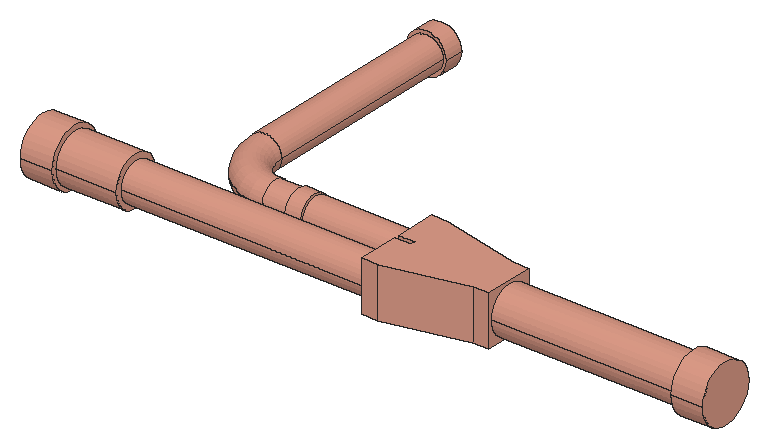
Revit family "outputfile", category 配管付属品, Revit 2024
Family settings
  丸型コネクタ寸法 = 半径を使用
  パーツ タイプ = 標準
  OmniClass 番号 = 23.65.55.00
  OmniClass タイトル = Distribution of Supplied Liquids/Gases
  作業面ベース = いいえ
  常に垂直 = はい
  ロード時にボイドで切り取り = いいえ
  共有 = いいえ
Parameters (values of type "BHFP22R168_(1)")
  Description = ""
  製造元 = "Daikin"
  書き出し IFC クラス(タイプ) = "IfcPipeFittingType"
  Default Elevation = 0.0 mm
  定義済み IFC タイプ(タイプ) = "JUNCTION"
  Cost = 0
  モデル = "BHFP22R168_(1)"
  Type Comments = ""
  Keynote = ""
  Type Image = (empty or 0)
  Assembly Code = ""
  switch_Offset Reducer(5) [instance] = if(and([judge_JointType(1or2or3)] = 3, Is_PipeToCU_B Reducer = 1, judge_IsOffsetPipe_ToOutdoorUnitB = 1), 1 = 1, 1 = 0)  # no
  switch_Offset Reducer(2) [instance] = if(judge_IsOffsetPipe_ToOutdoorUnitA = 2, 1 = 1, 1 = 0)  # yes
  switch_Offset Reducer(1) [instance] = if(judge_IsOffsetPipe_ToOutdoorUnitA = 1, 1 = 1, 1 = 0)  # no
  table_PipeToCU_B [instance] = if(mm⇔inch, "Multi Module Kit_BHFP22R-_Gas_PipeToCU_B", "Multi Module Kit_BHFP22R-_Gas_PipeToCU_B_inch")  # "Multi Module Kit_BHFP22R-_Gas_PipeToCU_B"
  table_PipeToCU_A [instance] = if(mm⇔inch, "Multi Module Kit_BHFP22R-_Gas_PipeToCU_A", "Multi Module Kit_BHFP22R-_Gas_PipeToCU_A_inch")  # "Multi Module Kit_BHFP22R-_Gas_PipeToCU_A"
  table_ToMainPipe [instance] = if(mm⇔inch, "Multi Module Kit_BHFP22R-_Gas_ToMainPipe", "Multi Module Kit_BHFP22R-_Gas_ToMainPipe_inch")  # "Multi Module Kit_BHFP22R-_Gas_ToMainPipe"
  switch_PipeToCU_B Reducer [instance] = if(and(Is_PipeToCU_B Reducer = 1, judge_IsOffsetPipe_ToOutdoorUnitB = 0), 1 = 1, 1 = 0)  # no
  switch_PipeToCU_B4 [instance] = if(number_PipeToCU_B < 4, 1 = 0, 1 = 1)  # no
  switch_PipeToCU_B3 [instance] = if(number_PipeToCU_B < 3, 1 = 0, 1 = 1)  # no
  switch_PipeToCU_B2 [instance] = if(number_PipeToCU_B < 2, 1 = 0, 1 = 1)  # yes
  switch_PipeToCU_A Reducer [instance] = if(Is_PipeToCU_A Reducer = 1, 1 = 1, 1 = 0)  # yes
  switch_ToMainPipe Reducer [instance] = if(Is_ToMainPipe Reducer = 1, 1 = 1, 1 = 0)  # no
  switch_ToMainPipe2 [instance] = if(number_ToMainPipe < 2, 1 = 0, 1 = 1)  # no
  switch_Offset Reducer(4) [instance] = if(and([judge_JointType(1or2or3)] = 1, Is_PipeToCU_B Reducer = 1, judge_IsOffsetPipe_ToOutdoorUnitB = 1), 1 = 1, 1 = 0)  # no
  switch_Offset Reducer(3) [instance] = if(and([judge_JointType(1or2or3)] = 2, Is_PipeToCU_B Reducer = 1, judge_IsOffsetPipe_ToOutdoorUnitB = 1), 1 = 1, 1 = 0)  # no
  r_PipeToCU_B_ActualDiameter [instance] = PipeToCU_B_Gas_ActualDiameter / 2  # 20.65 mm
  r_PipeToCU_A_ActualDiameter [instance] = PipeToCU_A_Gas_ActualDiameter / 2  # 14.3 mm
  r_ToMainPipe_ActualDiameter [instance] = ToMainPipe_Gas_ActualDiameter / 2  # 20.65 mm
  number_PipeToCU_B ReducerPipe [instance] = size_lookup(table_PipeToCU_B, "reducerPipeNumber", 2, モデル, judge_IsOffsetPipe_ToOutdoorUnitB, PipeToCU_B_Gas_ActualDiameter)  # 2
  number_PipeToCU_B [instance] = size_lookup(table_PipeToCU_B, "pipeNumber", 2, モデル, judge_IsOffsetPipe_ToOutdoorUnitB, PipeToCU_B_Gas_ActualDiameter)  # 2
  number_PipeToCU_A ReducerPipe [instance] = size_lookup(table_PipeToCU_A, "reducerPipeNumber", 2, モデル, PipeToCU_A_Gas_ActualDiameter)  # 1
  number_ToMainPipe [instance] = size_lookup(table_ToMainPipe, "pipeNumber", 2, モデル, ToMainPipe_Gas_ActualDiameter)  # 1
  mm⇔inch [instance] = yes
  judge_IsOffsetPipe_ToOutdoorUnitA = 2
  Unit Type = "BHFP22R-_Gas"
  Uniclass2015Version = "Products v1.31"
  Uniclass2015Title = "Copper pipe fittings"
  Uniclass2015Code = "Pr_65_52_63_18"
  URL = ""
  ToMainPipe_Gas_Status [instance] = size_lookup(table_ToMainPipe, "Information", "The connected pipe size is not available.", モデル, ToMainPipe_Gas_ActualDiameter)  # "Default connector size is used."
  ToMainPipe_Gas_ActualDiameter [instance] = 41.3 mm
  Tag No. [instance] = ""
  Series = "Multi Module kit"
  PipeToCU_B_Gas_Status [instance] = size_lookup(table_PipeToCU_B, "Information", "The connected pipe size is not available.", モデル, judge_IsOffsetPipe_ToOutdoorUnitB, PipeToCU_B_Gas_ActualDiameter)  # "Default connector size is used."
  PipeToCU_B_Gas_ActualDiameter [instance] = 41.3 mm
  PipeToCU_A_Gas_Status [instance] = size_lookup(table_PipeToCU_A, "Information", "The connected pipe size is not available.", モデル, PipeToCU_A_Gas_ActualDiameter)  # "Reducer is used at connector."
  PipeToCU_A_Gas_ActualDiameter [instance] = 28.6 mm
  Material_Piping = DAIKIN_Copper_Pipe
  Material_Insulation = DAIKIN_White_Insulation
  location_PipeToCU_B connector [instance] = size_lookup(table_PipeToCU_B, "Locationconnector", 0.0 mm, モデル, judge_IsOffsetPipe_ToOutdoorUnitB, PipeToCU_B_Gas_ActualDiameter)  # 0.0 mm
  location_PipeToCU_A connector [instance] = size_lookup(table_PipeToCU_A, "Locationconnector", 144.0 mm, モデル, PipeToCU_A_Gas_ActualDiameter)  # 146.0 mm
  l_PipeToCU_B connector [instance] = size_lookup(table_PipeToCU_B, "Length", 223.0 mm, モデル, judge_IsOffsetPipe_ToOutdoorUnitB, PipeToCU_B_Gas_ActualDiameter)  # 254.0 mm
  l_PipeToCU_B Reducer [instance] = 100.0 mm  # constant formula
  l_PipeToCU_B4 [instance] = size_lookup(table_PipeToCU_B, "L_Pipe4", 2.0 mm, モデル)  # 2.0 mm
  l_PipeToCU_B3 [instance] = size_lookup(table_PipeToCU_B, "L_Pipe3", 2.0 mm, モデル)  # 2.0 mm
  l_PipeToCU_B2 [instance] = size_lookup(table_PipeToCU_B, "L_Pipe2", 24.0 mm, モデル)  # 24.0 mm
  l_PipeToCU_B1 [instance] = size_lookup(table_PipeToCU_B, "L_Pipe1", 46.0 mm, モデル)  # 46.0 mm
  l_PipeToCU_B0 [instance] = size_lookup(table_PipeToCU_B, "L_Pipe0", 153.0 mm, モデル)  # 184.0 mm
  l_PipeToCU_A connector [instance] = size_lookup(table_PipeToCU_A, "Length", 187.0 mm, モデル, PipeToCU_A_Gas_ActualDiameter)  # 207.0 mm
  l_PipeToCU_A1 [instance] = size_lookup(table_PipeToCU_A, "L_Pipe1", 14.0 mm, モデル)  # 12.0 mm
  l_PipeToCU_A0 [instance] = size_lookup(table_PipeToCU_A, "L_Pipe0", 74.0 mm, モデル)  # 76.0 mm
  l_ToMainPipe connector [instance] = size_lookup(table_ToMainPipe, "Length", 404.0 mm, モデル, ToMainPipe_Gas_ActualDiameter)  # 164.0 mm
  l_ToMainPipe Reducer [instance] = size_lookup(table_ToMainPipe, "L_Reducer", 2.0 mm, モデル, ToMainPipe_Gas_ActualDiameter)  # 2.0 mm
  l_ToMainPipe2 [instance] = size_lookup(table_ToMainPipe, "L_Pipe2", 24.0 mm, モデル)  # 2.0 mm
  l_ToMainPipe1 [instance] = size_lookup(table_ToMainPipe, "L_Pipe1", 46.0 mm, モデル)  # 24.0 mm
  l_ToMainPipe0 [instance] = size_lookup(table_ToMainPipe, "L_Pipe0", 334.0 mm, モデル)  # 140.0 mm
  judge_IsOffsetPipe_ToOutdoorUnitB [instance] = if(OffsetPipe_ToNextCU, 1, 0)  # 0
  judge_JointType(1or2or3) = 1
  count_PipeToCU_B Reducer [instance] = size_lookup(table_PipeToCU_B, "reducerCount", 0, モデル, judge_IsOffsetPipe_ToOutdoorUnitB, PipeToCU_B_Gas_ActualDiameter)  # 0
  count_PipeToCU_A Reducer [instance] = size_lookup(table_PipeToCU_A, "reducerCount", 1, モデル, PipeToCU_A_Gas_ActualDiameter)  # 1
  angle_PipeToCU_A Pipe [instance] = if(RotateBranchPipetoCU_A_90°, 90.00°, 0.00°)  # 0.00°
  angle_PipeToCU_A Connector [instance] = angle_PipeToCU_A Pipe + 90.00°  # 90.00°
  PipeToCU_B_Gas_AvailableDiameter [instance] = size_lookup(table_PipeToCU_B, "sizeVariation", "", モデル, judge_IsOffsetPipe_ToOutdoorUnitB)  # "34.9/41.3mm"
  PipeToCU_A_Gas_AvailableDiameter [instance] = size_lookup(table_PipeToCU_A, "sizeVariation", "", モデル)  # "28.6mm"
  ToMainPipe_Gas_AvailableDiameter [instance] = size_lookup(table_ToMainPipe, "sizeVariation", "", モデル)  # "41.3mm"
  RotateBranchPipetoCU_A_90° [instance] = no
  OffsetPipe_ToNextCU [instance] = no
  O.D_ToMainPipe Reducer [instance] = size_lookup(table_ToMainPipe, "O.D_reducer", 2.0 mm, モデル, ToMainPipe_Gas_ActualDiameter)  # 2.0 mm
  Link_Nested Family [instance] = ""
  Is_PipeToCU_B Reducer [instance] = size_lookup(table_PipeToCU_B, "IsReducer", 0, モデル, judge_IsOffsetPipe_ToOutdoorUnitB, PipeToCU_B_Gas_ActualDiameter)  # 0
  Is_PipeToCU_A Reducer [instance] = size_lookup(table_PipeToCU_A, "IsReducer", 1, モデル, PipeToCU_A_Gas_ActualDiameter)  # 1
  Is_ToMainPipe Reducer [instance] = size_lookup(table_ToMainPipe, "IsReducer", 0, モデル, ToMainPipe_Gas_ActualDiameter)  # 0
  IfcVersion = ""
  IfcExportType = "JUNCTION"
  IfcExportAs = "IfcPipeFittingType"
  Attach_Insulation [instance] = no
  I.D_PipeToCU_B4 [instance] = size_lookup(table_PipeToCU_B, "I.D_PipeSize4", 2.0 mm, モデル)  # 2.0 mm
  I.D_PipeToCU_B3 [instance] = size_lookup(table_PipeToCU_B, "I.D_PipeSize3", 2.0 mm, モデル)  # 2.0 mm
  I.D_PipeToCU_B2 [instance] = size_lookup(table_PipeToCU_B, "I.D_PipeSize2", 34.9 mm, モデル)  # 41.3 mm
  I.D_PipeToCU_B1 [instance] = size_lookup(table_PipeToCU_B, "I.D_PipeSize1", 28.6 mm, モデル)  # 34.9 mm
  I.D_PipeToCU_B0 [instance] = size_lookup(table_PipeToCU_B, "I.D_PipeSize0", 26.6 mm, モデル)  # 26.6 mm
  I.D_PipeToCU_A1 = 25.4 mm
  I.D_PipeToCU_A0 [instance] = 23.4 mm  # constant formula
  I.D_ToMainPipe Reducer [instance] = size_lookup(table_ToMainPipe, "I.D_reducer", 2.0 mm, モデル, ToMainPipe_Gas_ActualDiameter)  # 2.0 mm
  I.D_ToMainPipe2 [instance] = size_lookup(table_ToMainPipe, "I.D_PipeSize2", 41.3 mm, モデル)  # 2.0 mm
  I.D_ToMainPipe1 [instance] = size_lookup(table_ToMainPipe, "I.D_PipeSize1", 34.9 mm, モデル)  # 41.3 mm
  I.D_ToMainPipe0 [instance] = size_lookup(table_ToMainPipe, "I.D_PipeSize0", 32.9 mm, モデル)  # 32.9 mm
Reference planes
  plane 1 "Center (Front/Back)": y = 0
  plane 2: z = 0
  plane 3 "Center (Left/Right)": x = 225.65
  plane 4: x = 223.65
  plane 5: x = 199.65
  plane 6: x = 59.65
  plane 7: x = -25.35
  plane 8: x = -113.35
  plane 9: x = -209.35
  plane 10: x = -255.35
  plane 11: x = -279.35
  plane 12: x = -281.35
  plane 13: x = -283.35
  plane 14: y = 17.5
  plane 15: y = -17.5
  plane 16: x = -101.35
  plane 17: x = 109.65
  plane 18 "ToMainPipe_connector": x = 223.65
  plane 19 "connector_OutdoorunitA": x = -171.35
  plane 20 "connector_ToOutdoorUnitB": x = -279.35
  plane 21: y = -17.5
  plane 22: z = 19
  plane 23: z = -19
Forms (mm)
  Extrusion 1, solid, material "DAIKIN_Copper_Pipe" <- "Material_Piping"
    sketch origin (0, 0, 0) x (1, 0, 0) y (0, 1, 0)
      loop
        line (-25.35, 2) -> (-13.35, 2) -> (-13.35, -2) -> (-25.35, -2) -> (-25.35, -33.25) -> (-13.35, -33.25) -> (47.65, -19) -> (59.65, -19) -> (59.65, 19) -> (47.65, 19) -> (-13.35, 33.25) -> (-25.35, 33.25) -> (-25.35, 2)
    from -19 to 19
Dimensions and locks
  locked: plane 6 to plane 17 at 50
  "l_PipeToCU_A0": plane 16 to plane 7
  "l_PipeToCU_A1": plane 8 to plane 16
  "l_PipeToCU_B0": plane 9 to plane 7
  "l_PipeToCU_B1": plane 10 to plane 9
  "l_PipeToCU_B2": plane 11 to plane 10
  "l_PipeToCU_B3": plane 12 to plane 11
  "l_PipeToCU_B4": plane 13 to plane 12
  plane 7 to plane 6 = 85.0 mm
  "l_ToMainPipe1": plane 5 to plane 4
  "l_ToMainPipe2": plane 4 to plane 3 "Center (Left/Right)"
  "l_ToMainPipe0": plane 6 to plane 5
  "l_ToMainPipe connector": plane 6 to plane 18 "ToMainPipe_connector"
  "location_PipeToCU_A connector": plane 19 "connector_OutdoorunitA" to plane 7
  "l_PipeToCU_B connector": plane 20 "connector_ToOutdoorUnitB" to plane 7
  plane 14 to plane 1 "Center (Front/Back)" to plane 15 = 17.5 mm, 17.5 mm
  equal spacing: Extrusion 1 sketch curve, plane 1 "Center (Front/Back)", Extrusion 1 sketch curve  (x3)
  Extrusion 1 sketch curve to Extrusion 1 sketch curve = 38.0 mm
  Extrusion 1 sketch curve to Extrusion 1 sketch curve = 66.5 mm
  plane 7 to Extrusion 1 sketch curve = 12.0 mm  (x2)
  Extrusion 1 sketch curve to plane 6 = 12.0 mm  (x2)
  Extrusion 1 sketch curve to Extrusion 1 sketch curve = 4.0 mm
  "location_PipeToCU_B connector": plane 21 to plane 15
  equal spacing: plane 22, plane 2, plane 23
  locked: plane 22 to plane 23 at 38
  aligned and locked: level to plane 2
  aligned and locked: plane 2 to nested 1
  aligned and locked: plane 1 "Center (Front/Back)" to nested 1
  aligned and locked: plane 3 "Center (Left/Right)" to nested 1
  aligned and locked: plane 4 to nested 1
  aligned and locked: plane 4 to nested 2
  aligned and locked: plane 5 to nested 2
  aligned and locked: plane 5 to nested 3
  aligned and locked: plane 6 to nested 3
  aligned and locked: plane 6 to Extrusion 1
  aligned and locked: plane 7 to nested 4
  aligned and locked: plane 8 to nested 5
  aligned and locked: plane 16 to nested 5
  aligned and locked: nested 5 to plane 14
  aligned and locked: nested 6 to plane 15
  aligned and locked: plane 7 to nested 6
  aligned and locked: plane 9 to nested 6
  aligned and locked: plane 10 to nested 7
  aligned and locked: plane 9 to nested 7
  aligned and locked: plane 11 to nested 8
  aligned and locked: plane 10 to nested 8
  aligned and locked: plane 12 to nested 9
  aligned and locked: plane 11 to nested 9
  aligned and locked: plane 13 to nested 10
  aligned and locked: plane 12 to nested 10
  aligned and locked: nested 10 to plane 15
  aligned and locked: nested 9 to plane 15
  aligned and locked: nested 8 to plane 15
  aligned and locked: nested 7 to plane 15
  aligned and locked: plane 1 "Center (Front/Back)" to nested 11
  aligned and locked: plane 16 to nested 4
  aligned and locked: nested 13 to plane 15
  aligned and locked: nested 14 to plane 15
  aligned and locked: plane 1 "Center (Front/Back)" to nested 15
  aligned and locked: plane 18 "ToMainPipe_connector" to nested 15
  aligned and locked: plane 6 to nested 16
  aligned and locked: plane 1 "Center (Front/Back)" to nested 3
  aligned and locked: plane 14 to nested 17
  aligned and locked: nested 17 to plane 19 "connector_OutdoorunitA"
  aligned and locked: nested 18 to plane 7
  aligned and locked: plane 15 to nested 19
  aligned and locked: nested 19 to plane 10
  aligned and locked: nested 4 to plane 14
  aligned and locked: Extrusion 1 sketch curve to Extrusion 1 sketch curve
  aligned and locked: nested 21 to plane 15
  aligned and locked: plane 6 to nested 11
  aligned and locked: nested 21 to plane 10
  aligned and locked: Extrusion 1 to plane 22
  aligned and locked: plane 23 to Extrusion 1
  aligned and locked: nested 20 to plane 14
  aligned and locked: nested 12 to plane 14
  aligned and locked: nested 18 to plane 21
  aligned and locked: nested 14 to plane 10
  aligned and locked: nested 13 to plane 10
  aligned and locked: plane 8 to nested 20
  aligned and locked: plane 8 to nested 12
Automatic sketch dimensions
  Extrusion 1 sketch curve to plane 7 = 0.0 mm  (x2)
  Extrusion 1 sketch curve to plane 6 = 0.0 mm
Nested families
  nested 1: "daikin_Pipe" at (224.65, 0, 0), I.D_Pipe <- "I.D_ToMainPipe2", display <- "switch_ToMainPipe2", type "*"
    with length_Pipe 2.0 mm, display no, O.D_Pipe 4.0 mm, I.D_Pipe 2.0 mm
  nested 2: "daikin_Pipe" at (211.65, 0, 0), I.D_Pipe <- "I.D_ToMainPipe1", type "*"
    with length_Pipe 24.0 mm, display yes, O.D_Pipe 43.3 mm, I.D_Pipe 41.3 mm
  nested 3: "daikin_Pipe" at (129.65, 0, 0), I.D_Pipe <- "I.D_ToMainPipe0", type "*"
    with length_Pipe 140.0 mm, display yes, O.D_Pipe 34.9 mm, I.D_Pipe 32.9 mm
  nested 4: "daikin_Pipe" at (-63.35, 17.5, 0), I.D_Pipe <- "I.D_PipeToCU_A0", type "*"
    with length_Pipe 76.0 mm, display yes, O.D_Pipe 25.4 mm, I.D_Pipe 23.4 mm
  nested 5: "daikin_Pipe" at (-107.35, 17.5, 0), I.D_Pipe <- "I.D_PipeToCU_A1", type "*"
    with length_Pipe 12.0 mm, display yes, O.D_Pipe 27.4 mm, I.D_Pipe 25.4 mm
  nested 6: "daikin_Pipe" at (-117.35, -17.5, 0), I.D_Pipe <- "I.D_PipeToCU_B0", type "*"
    with length_Pipe 184.0 mm, display yes, O.D_Pipe 28.6 mm, I.D_Pipe 26.6 mm
  nested 7: "daikin_Pipe" at (-232.35, -17.5, 0), I.D_Pipe <- "I.D_PipeToCU_B1", type "*"
    with length_Pipe 46.0 mm, display yes, O.D_Pipe 36.9 mm, I.D_Pipe 34.9 mm
  nested 8: "daikin_Pipe" at (-267.35, -17.5, 0), I.D_Pipe <- "I.D_PipeToCU_B2", display <- "switch_PipeToCU_B2", type "*"
    with length_Pipe 24.0 mm, display yes, O.D_Pipe 43.3 mm, I.D_Pipe 41.3 mm
  nested 9: "daikin_Pipe" at (-280.35, -17.5, 0), display <- "switch_PipeToCU_B3", I.D_Pipe <- "I.D_PipeToCU_B3", visible <- "switch_PipeToCU_B3", type "*"
    with length_Pipe 2.0 mm, display no, O.D_Pipe 4.0 mm, I.D_Pipe 2.0 mm
  nested 10: "daikin_Pipe" at (-282.35, -17.5, 0), display <- "switch_PipeToCU_B4", I.D_Pipe <- "I.D_PipeToCU_B4", visible <- "switch_PipeToCU_B4", type "*"
    with length_Pipe 2.0 mm, display no, O.D_Pipe 4.0 mm, I.D_Pipe 2.0 mm
  nested 11: "daikin_MultiModeluKit_Insulation" at (59.65, 0, 0), display <- "Attach_Insulation", type "*"
    with h 54.2 mm, display no, I.D_Outlet PipeSize 22.2 mm
  nested 12: "daikin_Multi Module kit_Reducer90_rotate_1" at (-113.35, 17.5, 0), number_reducerPipe <- "number_PipeToCU_A ReducerPipe", angle_Pipe <- "angle_PipeToCU_A Pipe", I.D_connector <- "PipeToCU_A_Gas_ActualDiameter", visible <- "switch_Offset Reducer(1)", type "*"
    with number_reducerPipe 1, display_Pipe4 no, display_Pipe3 no, display_Pipe2 no, display_41.3 no, display_34.9 no, display_28.6 no, angle_Pipe 0.00°, I.D_connector 28.6 mm
  nested 13: "daikin_Multi Module kit_Reducer Offset1" at (-255.35, -17.5, 0), number_reducerPipe <- "number_PipeToCU_B ReducerPipe", visible <- "switch_Offset Reducer(3)", type "*"
    with number_reducerPipe 2, display_Pipe4 no, display_Pipe3 no, display_Pipe2 yes
  nested 14: "daikin_Multi Module kit_Reducer Offset2" at (-255.35, -17.5, 0), number_reducerPipe <- "number_PipeToCU_B ReducerPipe", visible <- "switch_Offset Reducer(4)", type "*"
    with number_reducerPipe 2, display_Pipe2 yes, display_41.3 no, display_34.9 no, I.D_connector 19.1 mm
  nested 15: "daikin_Pipe_reducer" at (222.65, 0, 0), I.D_Pipe1 <- "I.D_ToMainPipe Reducer", O.D_Pipe2 <- "O.D_ToMainPipe Reducer", length_Pipe <- "l_ToMainPipe Reducer", display <- "switch_ToMainPipe Reducer", type "*"
    with length_Pipe 2.0 mm, display no, O.D_Pipe2 2.0 mm, O.D_Pipe1 4.0 mm, I.D_Pipe2 0.0 mm, I.D_Pipe1 2.0 mm
  nested 16: "daikin_connector_rotate3" at (59.65, 0, 0) x (0, 1, 0) z (0, 0, 1), length <- "l_ToMainPipe connector", type "daikin_connector_rotate3"
    with radius 10.0 mm, length 164.0 mm, angle_vertical 90.00°, angle_horizontal 0.00°
  nested 17: "daikin_connector_rotate3" at (-171.35, 17.5, 0) x (-1, 0, 0) z (0, 0, 1), length <- "l_PipeToCU_A connector", angle_vertical <- "angle_PipeToCU_A Connector", type "daikin_connector_rotate3"
    with radius 10.0 mm, length 207.0 mm, angle_vertical 90.00°, angle_horizontal 0.00°
  nested 18: "daikin_connector_rotate3" at (-25.35, -17.5, 0) x (0, -1, 0) z (0, 0, 1), length <- "l_PipeToCU_B connector", type "daikin_connector_rotate3"
    with radius 10.0 mm, length 254.0 mm, angle_vertical 90.00°, angle_horizontal 0.00°
  nested 19: "daikin_Pipe_reducer3_(6)(10)" at (-305.35, -17.5, 0) x (-1, 0, 0) z (0, 0, 1), visible <- "switch_PipeToCU_B Reducer", number_ReducerPipe <- "number_PipeToCU_B ReducerPipe", type "*"
    with number_ReducerPipe 2, length_Pipe 100.0 mm, display_Pipe2 yes, O.D_Pipe3 28.6 mm, O.D_Pipe2 27.4 mm, O.D_Pipe1 24.2 mm, I.D_Reducer 22.2 mm, I.D_Pipe3 26.6 mm, I.D_Pipe2 25.4 mm, I.D_Pipe1 22.2 mm
  nested 20: "daikin_Multi Module kit_Reducer90_rotate_2" at (-113.35, 17.5, 0), angle_Pipe <- "angle_PipeToCU_A Pipe", I.D_connector <- "PipeToCU_A_Gas_ActualDiameter", visible <- "switch_Offset Reducer(2)", number_reducerPipe <- "number_PipeToCU_A ReducerPipe", type "*"
    with number_reducerPipe 1, display_Pipe4 no, display_Pipe3 no, display_Pipe2 no, display_41.3 no, display_34.9 no, display_28.6 no, angle_Pipe 0.00°, I.D_connector 28.6 mm
  nested 21: "daikin_Multi Module kit_Reducer Offset3" at (-255.35, -17.5, 0), visible <- "switch_Offset Reducer(5)", I.D_connector <- "PipeToCU_B_Gas_ActualDiameter", number_reducerPipe <- "number_PipeToCU_B ReducerPipe", type "*"
    with number_reducerPipe 2, display_Pipe4 no, display_Pipe3 no, display_Pipe2 yes, I.D_connector 41.3 mm
Connectors
  piping at (223.65, 0, 0), diameter 41.3, driven by "r_ToMainPipe_ActualDiameter"
    settings: on nested 16, index 1, connector inside diameter 609.6 mm, connector length 0.0 mm, flow factor 0, pipe flow 0.00 m³/h, pressure drop 0.0 Pa, fitting loss kfactor 0, connector angle 0.00°, fixture units 0, engagement length 0.0 mm, angle of deflection 0.00°, flow configuration 0, flow direction 1, fitting loss method 0, system type 29, joint type 0, gender type 0, connector reference index -1, connector utility 0, adjustable connector no, is connector primary yes, connector description "Multi Module kit_to Main Pipe_Gas"
  piping at (-171.35, 224.5, 0), diameter 28.6, driven by "r_PipeToCU_A_ActualDiameter"
    settings: on nested 17, index 2, connector inside diameter 609.6 mm, connector length 0.0 mm, flow factor 0, pipe flow 0.00 m³/h, pressure drop 0.0 Pa, fitting loss kfactor 0, connector angle 0.00°, fixture units 0, engagement length 0.0 mm, angle of deflection 0.00°, flow configuration 0, flow direction 2, fitting loss method 0, system type 29, joint type 0, gender type 0, connector reference index -1, connector utility 0, adjustable connector no, is connector primary no, connector description "Multi Module kit_Piping to CU-A_Gas"
  piping at (-279.35, -17.5, 0), diameter 41.3, driven by "r_PipeToCU_B_ActualDiameter"
    settings: on nested 18, index 3, connector inside diameter 609.6 mm, connector length 0.0 mm, flow factor 0, pipe flow 0.00 m³/h, pressure drop 0.0 Pa, fitting loss kfactor 0, connector angle 0.00°, fixture units 0, engagement length 0.0 mm, angle of deflection 0.00°, flow configuration 0, flow direction 2, fitting loss method 0, system type 29, joint type 0, gender type 0, connector reference index -1, connector utility 0, adjustable connector no, is connector primary no, connector description "Multi Module kit_Piping to CU-B_Gas"
Definition of nested family "daikin_Pipe"
  Parameters (values of type "*")
    Default Elevation = 0.0 mm
    material = none
    length_Pipe [instance] = 150.0 mm
    display [instance] = yes
    O.D_Pipe [instance] = I.D_Pipe + 2.0 mm  # 27.0 mm
    I.D_Pipe [instance] = 25.0 mm
  Reference planes
    plane 1 "Center (Front/Back)": y = 0
    plane 2 "center(vertical)": z = 0
    plane 3 "Center (Left/Right)": x = 0
    plane 4 "left": x = -75
    plane 5 "right": x = 75
  Forms (mm)
    Extrusion 1, solid, material <- "material", visible <- "display"
      sketch origin (0, 0, 0) x (0, 1, 0) y (0, 0, 1)
        loop
          circle (0, 0) r 13.5
      from -75 to 75
  Dimensions and locks
    equal spacing: plane 4 "left", plane 3 "Center (Left/Right)", plane 5 "right"
    "length_Pipe": plane 4 "left" to plane 5 "right"
    "O.D_Pipe": diameter of Extrusion 1 sketch curve
    aligned and locked: level to plane 2 "center(vertical)"
    aligned and locked: plane 2 "center(vertical)" to Extrusion 1 sketch curve
    aligned and locked: plane 1 "Center (Front/Back)" to Extrusion 1 sketch curve
    aligned and locked: plane 5 "right" to Extrusion 1
    aligned and locked: Extrusion 1 to plane 4 "left"
Definition of nested family "daikin_Multi Module kit_Reducer90_rotate_1"
  Parameters (values of type "*")
    Default Elevation = 0.0 mm
    number_reducerPipe [instance] = 2
    material_Pipe = none
    display_Pipe4 [instance] = if(number_reducerPipe < 4, 1 = 0, 1 = 1)  # no
    display_Pipe3 [instance] = if(number_reducerPipe < 3, 1 = 0, 1 = 1)  # no
    display_Pipe2 [instance] = if(number_reducerPipe < 2, 1 = 0, 1 = 1)  # yes
    display_41.3 [instance] = no
    display_34.9 [instance] = no
    display_28.6 [instance] = no
    angle_Pipe [instance] = 0.00°
    I.D_connector [instance] = 34.9 mm
  Reference planes
    plane 1 "Center (Front/Back)": y = 0
    plane 2: z = 0
    plane 3 "Center (Left/Right)": x = 0
  Lines and regions (mm)
    reference lines
      curve 1: line (0, 0, 0) -> (0, 585, 0)
      curve 2: line (0, 0, 0) -> (0, 0, 155)
  Dimensions and locks
    locked: curve 1 to curve 2 (angle 90.00°)
    "angle_Pipe": angle plane 2 to curve 1
    aligned and locked: level to plane 2
    aligned and locked: plane 1 "Center (Front/Back)" to curve 1
    aligned and locked: plane 2 to curve 1
    aligned and locked: nested 1 to curve 1
    aligned and locked: nested 1 to curve 2
    aligned and locked: plane 3 "Center (Left/Right)" to nested 1
  Nested families
    nested 1: "daikin_Multi Module kit_Reducer90" at (0, 0, 0), display_Pipe2 <- "display_Pipe2", display_Pipe3 <- "display_Pipe3", display_Pipe4 <- "display_Pipe4", I.D_connector <- "I.D_connector", display_34.9 <- "display_34.9", display_41.3 <- "display_41.3", type "*"
      with display_Pipe4 no, display_Pipe3 no, display_Pipe2 yes, display_41.3 no, display_34.9 no, display_28.6 no, I.D_connector 34.9 mm
  Definition of nested family "daikin_Multi Module kit_Reducer90"
    Parameters (values of type "*")
      Default Elevation = 1219.2 mm
      material_Pipe = none
      display_Pipe4 [instance] = no
      display_Pipe3 [instance] = no
      display_Pipe2 [instance] = yes
      display_41.3 [instance] = no
      display_34.9 [instance] = no
      display_28.6 [instance] = no
      O.D_Pipe4 = 19.1 mm + 2.0 mm  # 21.1 mm
      O.D_Pipe3 = 22.2 mm + 2.0 mm  # 24.2 mm
      O.D_Pipe2 = 34.9 mm + 2.0 mm  # 36.9 mm
      O.D_Pipe1 = 28.6 mm + 2.0 mm  # 30.6 mm
      O.D_Pipe0 = 28.6 mm  # constant formula
      I.D_connector [instance] = 0.0 mm
    Reference planes
      plane 1 "Center (Front/Back)": y = 0
      plane 2 "center_vertical": z = 0
      plane 3 "Center (Left/Right)": x = 0
      plane 4 "center_toOutdoor": x = -56
      plane 5: y = 117
      plane 6: y = 163
      plane 7: y = 187
      plane 8: y = 217
      plane 9: y = 228.5
      plane 10: y = 263
    Forms (mm)
      Sweep 1, solid, material <- "material_Pipe"
        path origin (0, 0, 0) x (1, 0, 0) y (0, 1, 0)
          loop
            line (0, 0) -> (-16, 0)
            arc (-16, 0) -> (-44.284, 11.716) -> (-56, 40) r 40
            line (-56, 40) -> (-56, 117)
        profile origin (-8, 0, 0) x (0, -1, 0) y (0, 0, 1)
          loop
            circle (0, 0) r 14.3
      Extrusion 2, solid, material <- "material_Pipe"
        sketch origin (0, 0, 0) x (1, 0, 0) y (0, 0, 1)
          loop
            circle (-56, 0) r 15.3
        from -163 to -117
      Extrusion 3, solid, material <- "material_Pipe", visible <- "display_Pipe2"
        sketch origin (75, -2.05, 0) x (1, 0, 0) y (0, 0, 1)
          loop
            circle (-131, 0) r 18.45
        from -189.05 to -165.05
      Extrusion 4, solid, material <- "material_Pipe", visible <- "display_Pipe3"
        sketch origin (165, -1.05, 0) x (1, 0, 0) y (0, 0, 1)
          loop
            circle (-221, 0) r 12.1
        from -218.05 to -188.05
      Extrusion 5, solid, material <- "material_Pipe", visible <- "display_Pipe4"
        sketch origin (165, 32.95, 0) x (1, 0, 0) y (0, 0, 1)
          loop
            circle (-221, 0) r 10.55
        from -195.55 to -184.05
    Lines and regions (mm)
      reference lines
        curve 1: line (0, 0, 0) -> (-56, 0, 0)
    Dimensions and locks
      locked: plane 1 "Center (Front/Back)" to plane 5 at 117
      locked: plane 6 to plane 5 at 46
      locked: plane 7 to plane 6 at 24
      locked: plane 8 to plane 7 at 30
      locked: plane 9 to plane 8 at 11.5
      locked: plane 4 "center_toOutdoor" to plane 3 "Center (Left/Right)" at 56
      locked: plane 10 to plane 6 at 100
      "O.D_Pipe3": diameter of Extrusion 4 sketch curve
      "O.D_Pipe4": diameter of Extrusion 5 sketch curve
      "O.D_Pipe2": diameter of Extrusion 3 sketch curve
      "O.D_Pipe0": diameter of Sweep 1 sketch curve
      "O.D_Pipe1": diameter of Extrusion 2 sketch curve
      aligned and locked: level to plane 2 "center_vertical"
      aligned and locked: plane 6 to Extrusion 2
      aligned and locked: Extrusion 2 to plane 5
      aligned and locked: Extrusion 3 to plane 6
      aligned and locked: plane 8 to Extrusion 4
      aligned and locked: Extrusion 4 to plane 7
      aligned and locked: plane 9 to Extrusion 5
      aligned and locked: Extrusion 5 to plane 8
      aligned and locked: Sweep 1 sketch curve to plane 1 "Center (Front/Back)"
      aligned and locked: plane 3 "Center (Left/Right)" to curve 1
      aligned and locked: curve 1 to plane 1 "Center (Front/Back)"
      aligned and locked: plane 7 to Extrusion 3
      aligned and locked: plane 4 "center_toOutdoor" to nested 1
      aligned and locked: plane 6 to nested 1
      aligned and locked: plane 10 to nested 2
      aligned and locked: plane 4 "center_toOutdoor" to nested 2
      aligned and locked: plane 10 to nested 3
      aligned and locked: plane 4 "center_toOutdoor" to nested 3
      aligned and locked: plane 2 "center_vertical" to nested 3
      aligned and locked: plane 2 "center_vertical" to nested 2
      aligned and locked: plane 2 "center_vertical" to nested 1
    Automatic sketch dimensions
      Sweep 1 sketch curve to plane 4 "center_toOutdoor" = 0.0 mm
      Sweep 1 sketch curve to plane 3 "Center (Left/Right)" = 0.0 mm
      Sweep 1 sketch curve to plane 5 = 0.0 mm
      Sweep 1 sketch curve to plane 3 "Center (Left/Right)" = 16.0 mm
      curve 1 to plane 4 "center_toOutdoor" = 0.0 mm
      Sweep 1 sketch curve to level = 0.0 mm
      Sweep 1 sketch curve to profile plane = 0.0 mm
      Extrusion 2 sketch curve to level = 0.0 mm
      Extrusion 2 sketch curve to plane 4 "center_toOutdoor" = 0.0 mm
      Extrusion 3 sketch curve to level = 0.0 mm
      Extrusion 3 sketch curve to plane 4 "center_toOutdoor" = 0.0 mm
      Extrusion 4 sketch curve to level = 0.0 mm
      Extrusion 4 sketch curve to plane 4 "center_toOutdoor" = 0.0 mm
      Extrusion 5 sketch curve to level = 0.0 mm
      Extrusion 5 sketch curve to plane 4 "center_toOutdoor" = 0.0 mm
    Nested families
      nested 1: "daikin_Pipe_reducer" at (-56, 195.25, 0) x (0, 1, 0) z (0, 0, 1), display <- "display_28.6", type "*"
        with length_Pipe 64.5 mm, display no, O.D_Pipe2 28.6 mm, O.D_Pipe1 33.8 mm, I.D_Pipe2 26.6 mm, I.D_Pipe1 31.8 mm
      nested 2: "daikin_Pipe_reducer" at (-56, 295.25, 0) x (0, 1, 0) z (0, 0, 1), display <- "display_34.9", type "*"
        with length_Pipe 64.5 mm, display no, O.D_Pipe2 31.8 mm, O.D_Pipe1 36.9 mm, I.D_Pipe2 29.8 mm, I.D_Pipe1 34.9 mm
      nested 3: "daikin_Pipe_reducer" at (-56, 295.25, 0) x (0, 1, 0) z (0, 0, 1), display <- "display_41.3", type "*"
        with length_Pipe 64.5 mm, display no, O.D_Pipe2 31.8 mm, O.D_Pipe1 43.3 mm, I.D_Pipe2 29.8 mm, I.D_Pipe1 41.3 mm
    Definition of nested family "daikin_Pipe_reducer"
      Parameters (values of type "*")
        Default Elevation = 0.0 mm
        material = none
        length_Pipe [instance] = 250.0 mm
        display [instance] = yes
        O.D_Pipe2 [instance] = 19.1 mm
        O.D_Pipe1 [instance] = I.D_Pipe1 + 2.0 mm  # 24.2 mm
        I.D_Pipe2 [instance] = O.D_Pipe2 - 2.0 mm  # 17.1 mm
        I.D_Pipe1 [instance] = 22.2 mm
      Reference planes
        plane 1 "Center (Front/Back)": y = 0
        plane 2 "center(vertical)": z = 0
        plane 3 "Center (Left/Right)": x = 0
        plane 4 "connection": x = -125
        plane 5 "right": x = 113
        plane 6: x = 125
      Forms (mm)
        Extrusion 1, solid, material <- "material", visible <- "display"
          sketch origin (0, 0, 0) x (0, 1, 0) y (0, 0, 1)
            loop
              circle (0, 0) r 9.55
          from -125 to 113
        Extrusion 2, solid, material <- "material", visible <- "display"
          sketch origin (0, 0, 0) x (0, 1, 0) y (0, 0, 1)
            loop
              circle (0, 0) r 12.1
          from 113 to 125
      Dimensions and locks
        locked: plane 5 "right" to plane 6 at 12
        "length_Pipe": plane 4 "connection" to plane 6
        equal spacing: plane 4 "connection", plane 3 "Center (Left/Right)", plane 6
        "O.D_Pipe2": diameter of Extrusion 1 sketch curve
        "O.D_Pipe1": diameter of Extrusion 2 sketch curve
        aligned and locked: level to plane 2 "center(vertical)"
        aligned and locked: plane 2 "center(vertical)" to Extrusion 1 sketch curve
        aligned and locked: plane 1 "Center (Front/Back)" to Extrusion 1 sketch curve
        aligned and locked: plane 5 "right" to Extrusion 1
        aligned and locked: Extrusion 1 to plane 4 "connection"
        aligned and locked: plane 2 "center(vertical)" to Extrusion 2 sketch curve
        aligned and locked: plane 1 "Center (Front/Back)" to Extrusion 2 sketch curve
        aligned and locked: Extrusion 2 to plane 5 "right"
        aligned and locked: plane 6 to Extrusion 2
Definition of nested family "daikin_Multi Module kit_Reducer Offset1"
  Parameters (values of type "*")
    Default Elevation = 0.0 mm
    number_reducerPipe [instance] = 1
    material = none
    display_Pipe4 [instance] = if(number_reducerPipe < 4, 1 = 0, 1 = 1)  # no
    display_Pipe3 [instance] = if(number_reducerPipe < 3, 1 = 0, 1 = 1)  # no
    display_Pipe2 [instance] = if(number_reducerPipe < 2, 1 = 0, 1 = 1)  # no
    O.D_Pipe4 = 19.1 mm + 2.0 mm  # 21.1 mm
    O.D_Pipe3 = 22.2 mm + 2.0 mm  # 24.2 mm
    O.D_Pipe2 = 34.9 mm + 2.0 mm  # 36.9 mm
    O.D_Pipe1 = 28.6 mm + 2.0 mm  # 30.6 mm
    O.D_Pipe0 = 28.6 mm  # constant formula
  Reference planes
    plane 1 "Center (Front/Back)": y = 0
    plane 2: z = 0
    plane 3 "Center (Left/Right)": x = 0
    plane 4: y = -35
    plane 5: x = -286
    plane 6: x = -300
    plane 7: x = -324
    plane 8: x = -354
    plane 9: x = -365.5
    plane 10: x = -300
    plane 11: x = -133
    plane 12: x = -50
  Forms (mm)
    Extrusion 1, solid, material <- "material"
      sketch origin (-56.734, 401.522, 0) x (0, 1, 0) y (0, 0, 1)
        loop
          circle (-436.522, 0) r 15.3
      from -243.266 to -229.266
    Sweep 2, solid, material <- "material"
      path origin (0, 0, 0) x (1, 0, 0) y (0, 1, 0)
        loop
          line (0, 0) -> (-50, 0)
          arc (-50, 0) -> (-60.197, -1.319) -> (-69.724, -5.188) r 40.091
          line (-69.724, -5.188) -> (-113.321, -29.824)
          arc (-113.321, -29.824) -> (-122.826, -33.684) -> (-133, -35) r 40
          line (-133, -35) -> (-286, -35)
      profile origin (-25, 0, 0) x (0, -1, 0) y (0, 0, 1)
        loop
          circle (0, 0) r 14.3
    Extrusion 3, solid, material <- "material", visible <- "display_Pipe2"
      sketch origin (-94.334, 366.344, 0) x (0, 1, 0) y (0, 0, 1)
        loop
          circle (-401.344, 0) r 18.45
      from -229.666 to -205.666
    Extrusion 4, solid, material <- "material", visible <- "display_Pipe3"
      sketch origin (-124.334, 333.512, 0) x (0, 1, 0) y (0, 0, 1)
        loop
          circle (-368.512, 0) r 12.1
      from -229.666 to -199.666
    Extrusion 5, solid, material <- "material", visible <- "display_Pipe4"
      sketch origin (-161.334, 300.679, 0) x (0, 1, 0) y (0, 0, 1)
        loop
          circle (-335.679, 0) r 10.55
      from -204.166 to -192.666
  Dimensions and locks
    locked: plane 4 to plane 1 "Center (Front/Back)" at 35
    locked: plane 6 to plane 5 at 14
    locked: plane 7 to plane 6 at 24
    locked: plane 8 to plane 7 at 30
    locked: plane 9 to plane 8 at 11.5
    locked: plane 5 to plane 3 "Center (Left/Right)" at 286
    locked: plane 10 to plane 3 "Center (Left/Right)" at 300
    locked: plane 10 to plane 11 at 167
    locked: plane 12 to plane 3 "Center (Left/Right)" at 50
    "O.D_Pipe1": diameter of Extrusion 1 sketch curve
    "O.D_Pipe0": diameter of Sweep 2 sketch curve
    "O.D_Pipe2": diameter of Extrusion 3 sketch curve
    "O.D_Pipe3": diameter of Extrusion 4 sketch curve
    "O.D_Pipe4": diameter of Extrusion 5 sketch curve
    aligned and locked: level to plane 2
    aligned and locked: plane 2 to Sweep 2 sketch curve
    aligned and locked: plane 1 "Center (Front/Back)" to Sweep 2 sketch curve
    aligned and locked: plane 5 to Extrusion 1
    aligned and locked: Extrusion 1 to plane 6
    aligned and locked: plane 4 to Extrusion 5 sketch curve
    aligned and locked: plane 2 to Extrusion 5 sketch curve
    aligned and locked: plane 4 to Extrusion 1 sketch curve
    aligned and locked: plane 2 to Extrusion 1 sketch curve
    aligned and locked: plane 4 to Extrusion 3 sketch curve
    aligned and locked: plane 2 to Extrusion 3 sketch curve
    aligned and locked: plane 4 to Extrusion 4 sketch curve
    aligned and locked: plane 2 to Extrusion 4 sketch curve
    aligned and locked: plane 6 to Extrusion 3
    aligned and locked: Extrusion 3 to plane 7
    aligned and locked: plane 7 to Extrusion 4
    aligned and locked: Extrusion 4 to plane 8
    aligned and locked: plane 8 to Extrusion 5
    aligned and locked: Extrusion 5 to plane 9
    aligned and locked: plane 5 to Sweep 2 sketch curve
    aligned and locked: plane 3 "Center (Left/Right)" to Sweep 2 sketch curve
    aligned and locked: plane 11 to Sweep 2 sketch curve
    aligned and locked: plane 12 to Sweep 2 sketch curve
  Automatic sketch dimensions
    Sweep 2 sketch curve to plane 4 = 0.0 mm
    plane 1 "Center (Front/Back)" to Sweep 2 sketch curve = 0.0 mm
    plane 1 "Center (Front/Back)" to Sweep 2 sketch curve = 5.188 mm
    Sweep 2 sketch curve to plane 1 "Center (Front/Back)" = 5.0 mm
Definition of nested family "daikin_Multi Module kit_Reducer Offset2"
  Parameters (values of type "*")
    Default Elevation = 0.0 mm
    number_reducerPipe [instance] = 2
    material = none
    display_Pipe2 [instance] = if(number_reducerPipe < 2, 1 = 0, 1 = 1)  # yes
    display_41.3 [instance] = I.D_connector = 41.3 mm  # no
    display_34.9 [instance] = I.D_connector = 34.9 mm  # no
    O.D_Pipe2 = 41.3 mm + 2.0 mm  # 43.3 mm
    O.D_Pipe1 = 34.9 mm + 2.0 mm  # 36.9 mm
    O.D_Pipe0 = 34.9 mm  # constant formula
    I.D_connector [instance] = 0.0 mm
  Reference planes
    plane 1 "Center (Front/Back)": y = 0
    plane 2: z = 0
    plane 3 "Center (Left/Right)": x = 0
    plane 4: y = -17.5
    plane 5: x = -235
    plane 6: x = -281
    plane 7: x = -305
    plane 8: x = -305
    plane 9: x = -150
    plane 10: x = -70
  Forms (mm)
    Extrusion 1, solid, material <- "material"
      sketch origin (-56.734, 401.522, 0) x (0, 1, 0) y (0, 0, 1)
        loop
          circle (-419.022, 0) r 18.45
      from -224.266 to -178.266
    Sweep 2, solid, material <- "material"
      path origin (0, 0, 0) x (1, 0, 0) y (0, 1, 0)
        loop
          line (0, 0) -> (-70, 0)
          arc (-70, 0) -> (-78.011, -0.537) -> (-85.879, -2.137) r 60.056
          line (-85.879, -2.137) -> (-134.121, -15.363)
          arc (-134.121, -15.363) -> (-141.989, -16.963) -> (-150, -17.5) r 60.056
          line (-150, -17.5) -> (-235, -17.5)
      profile origin (-35, 0, 0) x (0, -1, 0) y (0, 0, 1)
        loop
          circle (0, 0) r 17.45
    Extrusion 3, solid, material <- "material", visible <- "display_Pipe2"
      sketch origin (-94.334, 366.344, 0) x (0, 1, 0) y (0, 0, 1)
        loop
          circle (-383.844, 0) r 21.65
      from -210.666 to -186.666
  Dimensions and locks
    plane 4 to plane 1 "Center (Front/Back)" = 17.5 mm
    locked: plane 6 to plane 5 at 46
    locked: plane 7 to plane 6 at 24
    locked: plane 5 to plane 3 "Center (Left/Right)" at 235
    locked: plane 8 to plane 3 "Center (Left/Right)" at 305
    locked: plane 10 to plane 3 "Center (Left/Right)" at 70
    locked: plane 8 to plane 9 at 155
    "O.D_Pipe1": diameter of Extrusion 1 sketch curve
    "O.D_Pipe0": diameter of Sweep 2 sketch curve
    "O.D_Pipe2": diameter of Extrusion 3 sketch curve
    aligned and locked: level to plane 2
    aligned and locked: plane 5 to Sweep 2 sketch curve
    aligned and locked: plane 2 to Sweep 2 sketch curve
    aligned and locked: plane 1 "Center (Front/Back)" to Sweep 2 sketch curve
    aligned and locked: plane 5 to Extrusion 1
    aligned and locked: Extrusion 1 to plane 6
    aligned and locked: plane 4 to Extrusion 1 sketch curve
    aligned and locked: plane 2 to Extrusion 1 sketch curve
    aligned and locked: plane 4 to Extrusion 3 sketch curve
    aligned and locked: plane 2 to Extrusion 3 sketch curve
    aligned and locked: plane 6 to Extrusion 3
    aligned and locked: Extrusion 3 to plane 7
    aligned and locked: nested 1 to plane 6
    aligned and locked: plane 4 to nested 1
    aligned and locked: plane 2 to nested 2
    aligned and locked: plane 2 to nested 1
    aligned and locked: nested 2 to plane 6
    aligned and locked: plane 4 to nested 2
    aligned and locked: plane 9 to Sweep 2 sketch curve
    aligned and locked: plane 10 to Sweep 2 sketch curve
  Automatic sketch dimensions
    plane 1 "Center (Front/Back)" to Sweep 2 sketch curve = 0.0 mm
    Sweep 2 sketch curve to plane 3 "Center (Left/Right)" = 0.0 mm
    Sweep 2 sketch curve to plane 4 = 0.0 mm
    plane 4 to Sweep 2 sketch curve = 2.137 mm
    plane 1 "Center (Front/Back)" to Sweep 2 sketch curve = 2.137 mm
  Nested families
    nested 1: "daikin_Pipe_reducer" at (-304.25, -17.5, 0) x (-1, 0, 0) z (0, 0, 1), display <- "display_34.9", type "*"
      with length_Pipe 46.5 mm, display no, O.D_Pipe2 31.8 mm, O.D_Pipe1 36.9 mm, I.D_Pipe2 29.8 mm, I.D_Pipe1 34.9 mm
    nested 2: "daikin_Pipe_reducer" at (-304.25, -17.5, 0) x (-1, 0, 0) z (0, 0, 1), display <- "display_41.3", type "*"
      with length_Pipe 46.5 mm, display no, O.D_Pipe2 31.8 mm, O.D_Pipe1 43.3 mm, I.D_Pipe2 29.8 mm, I.D_Pipe1 41.3 mm
  Definition of nested family "daikin_Pipe_reducer"
    Parameters (values of type "*")
      Default Elevation = 0.0 mm
      material = none
      length_Pipe [instance] = 250.0 mm
      display [instance] = yes
      O.D_Pipe2 [instance] = 19.1 mm
      O.D_Pipe1 [instance] = I.D_Pipe1 + 2.0 mm  # 24.2 mm
      I.D_Pipe2 [instance] = O.D_Pipe2 - 2.0 mm  # 17.1 mm
      I.D_Pipe1 [instance] = 22.2 mm
    Reference planes
      plane 1 "Center (Front/Back)": y = 0
      plane 2 "center(vertical)": z = 0
      plane 3 "Center (Left/Right)": x = 0
      plane 4 "connection": x = -125
      plane 5 "right": x = 113
      plane 6: x = 125
    Forms (mm)
      Extrusion 1, solid, material <- "material", visible <- "display"
        sketch origin (0, 0, 0) x (0, 1, 0) y (0, 0, 1)
          loop
            circle (0, 0) r 9.55
        from -125 to 113
      Extrusion 2, solid, material <- "material", visible <- "display"
        sketch origin (0, 0, 0) x (0, 1, 0) y (0, 0, 1)
          loop
            circle (0, 0) r 12.1
        from 113 to 125
    Dimensions and locks
      locked: plane 5 "right" to plane 6 at 12
      "length_Pipe": plane 4 "connection" to plane 6
      equal spacing: plane 4 "connection", plane 3 "Center (Left/Right)", plane 6
      "O.D_Pipe2": diameter of Extrusion 1 sketch curve
      "O.D_Pipe1": diameter of Extrusion 2 sketch curve
      aligned and locked: level to plane 2 "center(vertical)"
      aligned and locked: plane 2 "center(vertical)" to Extrusion 1 sketch curve
      aligned and locked: plane 1 "Center (Front/Back)" to Extrusion 1 sketch curve
      aligned and locked: plane 5 "right" to Extrusion 1
      aligned and locked: Extrusion 1 to plane 4 "connection"
      aligned and locked: plane 2 "center(vertical)" to Extrusion 2 sketch curve
      aligned and locked: plane 1 "Center (Front/Back)" to Extrusion 2 sketch curve
      aligned and locked: Extrusion 2 to plane 5 "right"
      aligned and locked: plane 6 to Extrusion 2
Definition of nested family "daikin_Pipe_reducer3_(6)(10)"
  Parameters (values of type "*")
    Default Elevation = 0.0 mm
    material = none
    length_Pipe [instance] = 100.0 mm  # constant formula
    display_Pipe2 [instance] = if(number_ReducerPipe = 1, 1 = 0, 1 = 1)  # yes
    number_ReducerPipe [instance] = 0
    O.D_Pipe3 [instance] = 28.6 mm  # constant formula
    O.D_Pipe2 [instance] = I.D_Pipe2 + 2.0 mm  # 27.4 mm
    O.D_Pipe1 [instance] = I.D_Pipe1 + 2.0 mm  # 24.2 mm
    I.D_Reducer [instance] = 0.0 mm
    I.D_Pipe3 [instance] = O.D_Pipe3 - 2.0 mm  # 26.6 mm
    I.D_Pipe2 [instance] = 25.4 mm  # constant formula
    I.D_Pipe1 [instance] = if(I.D_Reducer = 19.1 mm, 19.1 mm, 22.2 mm)  # 22.2 mm
  Reference planes
    plane 1 "Center (Front/Back)": y = 0
    plane 2 "center(vertical)": z = 0
    plane 3 "Center (Left/Right)": x = 0
    plane 4 "connection": x = -50
    plane 5: x = 38
    plane 6: x = 50
  Forms (mm)
    Extrusion 1, solid, material <- "material"
      sketch origin (0, 0, 0) x (0, 1, 0) y (0, 0, 1)
        loop
          circle (0, 0) r 13.7
      from 0 to 38
    Extrusion 2, solid, material <- "material", visible <- "display_Pipe2"
      sketch origin (0, 0, 0) x (0, 1, 0) y (0, 0, 1)
        loop
          circle (0, 0) r 12.1
      from 38 to 50
    Extrusion 3, solid, material <- "material"
      sketch origin (-48, 0, 0) x (0, 1, 0) y (0, 0, 1)
        loop
          circle (0, 0) r 14.3
      from -2 to 48
  Dimensions and locks
    locked: plane 5 to plane 6 at 12
    "length_Pipe": plane 4 "connection" to plane 6
    equal spacing: plane 4 "connection", plane 3 "Center (Left/Right)", plane 6
    locked: plane 4 "connection" to plane 3 "Center (Left/Right)" at 50
    "O.D_Pipe2": diameter of Extrusion 1 sketch curve
    "O.D_Pipe1": diameter of Extrusion 2 sketch curve
    "O.D_Pipe3": diameter of Extrusion 3 sketch curve
    aligned and locked: level to plane 2 "center(vertical)"
    aligned and locked: plane 2 "center(vertical)" to Extrusion 1 sketch curve
    aligned and locked: plane 1 "Center (Front/Back)" to Extrusion 1 sketch curve
    aligned and locked: plane 5 to Extrusion 1
    aligned and locked: plane 2 "center(vertical)" to Extrusion 2 sketch curve
    aligned and locked: plane 1 "Center (Front/Back)" to Extrusion 2 sketch curve
    aligned and locked: Extrusion 2 to plane 5
    aligned and locked: plane 6 to Extrusion 2
    aligned and locked: Extrusion 1 to plane 3 "Center (Left/Right)"
    aligned and locked: plane 1 "Center (Front/Back)" to Extrusion 3 sketch curve
    aligned and locked: plane 2 "center(vertical)" to Extrusion 3 sketch curve
    aligned and locked: plane 3 "Center (Left/Right)" to Extrusion 3
    aligned and locked: Extrusion 3 to plane 4 "connection"
Definition of nested family "daikin_Multi Module kit_Reducer90_rotate_2"
  Parameters (values of type "*")
    Default Elevation = 0.0 mm
    number_reducerPipe [instance] = 1
    material_Pipe = none
    display_Pipe4 [instance] = if(number_reducerPipe < 4, 1 = 0, 1 = 1)  # no
    display_Pipe3 [instance] = if(number_reducerPipe < 3, 1 = 0, 1 = 1)  # no
    display_Pipe2 [instance] = if(number_reducerPipe < 2, 1 = 0, 1 = 1)  # no
    display_41.3 [instance] = no
    display_34.9 [instance] = no
    display_28.6 [instance] = no
    angle_Pipe [instance] = 0.00°
    I.D_connector [instance] = 34.9 mm
  Reference planes
    plane 1 "Center (Front/Back)": y = 0
    plane 2: z = 0
    plane 3 "Center (Left/Right)": x = 0
  Lines and regions (mm)
    reference lines
      curve 1: line (0, 0, 0) -> (0, 480, 0)
      curve 2: line (0, 0, 0) -> (0, 0, 100)
  Dimensions and locks
    locked: curve 1 to curve 2 (angle 90.00°)
    "angle_Pipe": angle plane 2 to curve 1
    aligned and locked: level to plane 2
    aligned and locked: plane 1 "Center (Front/Back)" to curve 1
    aligned and locked: plane 2 to curve 1
    aligned and locked: nested 1 to curve 1
    aligned and locked: nested 1 to curve 2
    aligned and locked: plane 3 "Center (Left/Right)" to nested 1
  Nested families
    nested 1: "daikin_Multi Module kit_Reducer90" at (0, 0, 0), display_Pipe2 <- "display_Pipe2", display_Pipe3 <- "display_Pipe3", display_Pipe4 <- "display_Pipe4", I.D_connector <- "I.D_connector", display_34.9 <- "display_34.9", display_41.3 <- "display_41.3", type "*"
      with display_Pipe4 no, display_Pipe3 no, display_Pipe2 no, display_41.3 no, display_34.9 no, display_28.6 no, I.D_connector 34.9 mm
  Definition of nested family "daikin_Multi Module kit_Reducer90"
    Parameters (values of type "*")
      Default Elevation = 1219.2 mm
      material_Pipe = none
      display_Pipe4 [instance] = no
      display_Pipe3 [instance] = no
      display_Pipe2 [instance] = no
      display_41.3 [instance] = no
      display_34.9 [instance] = no
      display_28.6 [instance] = no
      O.D_Pipe4 = 19.1 mm + 2.0 mm  # 21.1 mm
      O.D_Pipe3 = 22.2 mm + 2.0 mm  # 24.2 mm
      O.D_Pipe2 = 34.9 mm + 2.0 mm  # 36.9 mm
      O.D_Pipe1 = 28.6 mm + 2.0 mm  # 30.6 mm
      O.D_Pipe0 = 25.4 mm  # constant formula
      I.D_connector [instance] = 0.0 mm
    Reference planes
      plane 1 "Center (Front/Back)": y = 0
      plane 2 "center_vertical": z = 0
      plane 3 "Center (Left/Right)": x = 0
      plane 4 "center_toOutdoor": x = -58
      plane 5: y = 193
      plane 6: y = 207
      plane 7: y = 231
      plane 8: y = 261
      plane 9: y = 272.5
      plane 10: y = 307
    Forms (mm)
      Sweep 1, solid, material <- "material_Pipe"
        path origin (0, 0, 0) x (1, 0, 0) y (0, 1, 0)
          loop
            line (0, 0) -> (-18, 0)
            arc (-18, 0) -> (-46.284, 11.716) -> (-58, 40) r 40
            line (-58, 40) -> (-58, 193)
        profile origin (-9, 0, 0) x (0, -1, 0) y (0, 0, 1)
          loop
            circle (0, 0) r 12.7
      Extrusion 2, solid, material <- "material_Pipe"
        sketch origin (0, 0, 0) x (1, 0, 0) y (0, 0, 1)
          loop
            circle (-58, 0) r 15.3
        from -207 to -193
      Extrusion 3, solid, material <- "material_Pipe", visible <- "display_Pipe2"
        sketch origin (75, -2.05, 0) x (1, 0, 0) y (0, 0, 1)
          loop
            circle (-133, 0) r 18.45
        from -233.05 to -209.05
      Extrusion 4, solid, material <- "material_Pipe", visible <- "display_Pipe3"
        sketch origin (165, -1.05, 0) x (1, 0, 0) y (0, 0, 1)
          loop
            circle (-223, 0) r 12.1
        from -262.05 to -232.05
      Extrusion 5, solid, material <- "material_Pipe", visible <- "display_Pipe4"
        sketch origin (165, 32.95, 0) x (1, 0, 0) y (0, 0, 1)
          loop
            circle (-223, 0) r 10.55
        from -239.55 to -228.05
    Lines and regions (mm)
      reference lines
        curve 1: line (0, 0, 0) -> (-58, 0, 0)
    Dimensions and locks
      plane 1 "Center (Front/Back)" to plane 5 = 193.0 mm
      locked: plane 6 to plane 5 at 14
      locked: plane 7 to plane 6 at 24
      locked: plane 8 to plane 7 at 30
      locked: plane 9 to plane 8 at 11.5
      locked: plane 4 "center_toOutdoor" to plane 3 "Center (Left/Right)" at 58
      locked: plane 10 to plane 6 at 100
      "O.D_Pipe3": diameter of Extrusion 4 sketch curve
      "O.D_Pipe4": diameter of Extrusion 5 sketch curve
      "O.D_Pipe2": diameter of Extrusion 3 sketch curve
      "O.D_Pipe0": diameter of Sweep 1 sketch curve
      "O.D_Pipe1": diameter of Extrusion 2 sketch curve
      aligned and locked: level to plane 2 "center_vertical"
      aligned and locked: plane 6 to Extrusion 2
      aligned and locked: Extrusion 2 to plane 5
      aligned and locked: Extrusion 3 to plane 6
      aligned and locked: plane 8 to Extrusion 4
      aligned and locked: Extrusion 4 to plane 7
      aligned and locked: plane 9 to Extrusion 5
      aligned and locked: Extrusion 5 to plane 8
      aligned and locked: Sweep 1 sketch curve to plane 1 "Center (Front/Back)"
      aligned and locked: plane 3 "Center (Left/Right)" to curve 1
      aligned and locked: curve 1 to plane 1 "Center (Front/Back)"
      aligned and locked: plane 7 to Extrusion 3
      aligned and locked: plane 2 "center_vertical" to nested 3
      aligned and locked: plane 2 "center_vertical" to nested 2
      aligned and locked: plane 2 "center_vertical" to nested 1
    Automatic sketch dimensions
      Sweep 1 sketch curve to plane 4 "center_toOutdoor" = 0.0 mm
      Sweep 1 sketch curve to plane 3 "Center (Left/Right)" = 0.0 mm
      Sweep 1 sketch curve to plane 5 = 0.0 mm
      Sweep 1 sketch curve to plane 3 "Center (Left/Right)" = 18.0 mm
      curve 1 to plane 4 "center_toOutdoor" = 0.0 mm
      Sweep 1 sketch curve to level = 0.0 mm
      Sweep 1 sketch curve to profile plane = 0.0 mm
      Extrusion 2 sketch curve to level = 0.0 mm
      Extrusion 2 sketch curve to plane 4 "center_toOutdoor" = 0.0 mm
      Extrusion 3 sketch curve to level = 0.0 mm
      Extrusion 3 sketch curve to plane 4 "center_toOutdoor" = 0.0 mm
      Extrusion 4 sketch curve to level = 0.0 mm
      Extrusion 4 sketch curve to plane 4 "center_toOutdoor" = 0.0 mm
      Extrusion 5 sketch curve to level = 0.0 mm
      Extrusion 5 sketch curve to plane 4 "center_toOutdoor" = 0.0 mm
    Nested families
      nested 1: "daikin_Pipe_reducer" at (-70, 204.125, 0) x (0, 1, 0) z (0, 0, 1), display <- "display_28.6", type "*"
        with length_Pipe 82.25 mm, display no, O.D_Pipe2 28.6 mm, O.D_Pipe1 33.8 mm, I.D_Pipe2 26.6 mm, I.D_Pipe1 31.8 mm
      nested 2: "daikin_Pipe_reducer" at (-70, 313, 0) x (0, 1, 0) z (0, 0, 1), display <- "display_34.9", type "*"
        with length_Pipe 100.0 mm, display no, O.D_Pipe2 31.8 mm, O.D_Pipe1 36.9 mm, I.D_Pipe2 29.8 mm, I.D_Pipe1 34.9 mm
      nested 3: "daikin_Pipe_reducer" at (-70, 313, 0) x (0, 1, 0) z (0, 0, 1), display <- "display_41.3", type "*"
        with length_Pipe 100.0 mm, display no, O.D_Pipe2 31.8 mm, O.D_Pipe1 43.3 mm, I.D_Pipe2 29.8 mm, I.D_Pipe1 41.3 mm
    Definition of nested family "daikin_Pipe_reducer"
      Parameters (values of type "*")
        Default Elevation = 0.0 mm
        material = none
        length_Pipe [instance] = 250.0 mm
        display [instance] = yes
        O.D_Pipe2 [instance] = 19.1 mm
        O.D_Pipe1 [instance] = I.D_Pipe1 + 2.0 mm  # 24.2 mm
        I.D_Pipe2 [instance] = O.D_Pipe2 - 2.0 mm  # 17.1 mm
        I.D_Pipe1 [instance] = 22.2 mm
      Reference planes
        plane 1 "Center (Front/Back)": y = 0
        plane 2 "center(vertical)": z = 0
        plane 3 "Center (Left/Right)": x = 0
        plane 4 "connection": x = -125
        plane 5 "right": x = 113
        plane 6: x = 125
      Forms (mm)
        Extrusion 1, solid, material <- "material", visible <- "display"
          sketch origin (0, 0, 0) x (0, 1, 0) y (0, 0, 1)
            loop
              circle (0, 0) r 9.55
          from -125 to 113
        Extrusion 2, solid, material <- "material", visible <- "display"
          sketch origin (0, 0, 0) x (0, 1, 0) y (0, 0, 1)
            loop
              circle (0, 0) r 12.1
          from 113 to 125
      Dimensions and locks
        locked: plane 5 "right" to plane 6 at 12
        "length_Pipe": plane 4 "connection" to plane 6
        equal spacing: plane 4 "connection", plane 3 "Center (Left/Right)", plane 6
        "O.D_Pipe2": diameter of Extrusion 1 sketch curve
        "O.D_Pipe1": diameter of Extrusion 2 sketch curve
        aligned and locked: level to plane 2 "center(vertical)"
        aligned and locked: plane 2 "center(vertical)" to Extrusion 1 sketch curve
        aligned and locked: plane 1 "Center (Front/Back)" to Extrusion 1 sketch curve
        aligned and locked: plane 5 "right" to Extrusion 1
        aligned and locked: Extrusion 1 to plane 4 "connection"
        aligned and locked: plane 2 "center(vertical)" to Extrusion 2 sketch curve
        aligned and locked: plane 1 "Center (Front/Back)" to Extrusion 2 sketch curve
        aligned and locked: Extrusion 2 to plane 5 "right"
        aligned and locked: plane 6 to Extrusion 2
Definition of nested family "daikin_Multi Module kit_Reducer Offset3"
  Parameters (values of type "*")
    Default Elevation = 0.0 mm
    number_reducerPipe [instance] = 2
    material = none
    display_Pipe4 [instance] = if(number_reducerPipe < 4, 1 = 0, 1 = 1)  # no
    display_Pipe3 [instance] = if(number_reducerPipe < 3, 1 = 0, 1 = 1)  # no
    display_Pipe2 [instance] = if(number_reducerPipe < 2, 1 = 0, 1 = 1)  # yes
    O.D_Pipe4 = 19.1 mm + 2.0 mm  # 21.1 mm
    O.D_Pipe3 = 22.2 mm + 2.0 mm  # 24.2 mm
    O.D_Pipe2 = 34.9 mm + 2.0 mm  # 36.9 mm
    O.D_Pipe1 = 28.6 mm + 2.0 mm  # 30.6 mm
    O.D_Pipe0 = 28.6 mm  # constant formula
    I.D_connector [instance] = 34.9 mm
  Reference planes
    plane 1 "Center (Front/Back)": y = 0
    plane 2: z = 0
    plane 3 "Center (Left/Right)": x = 0
    plane 4: y = -35
    plane 5: x = -240
    plane 6: x = -286
    plane 7: x = -310
    plane 8: x = -340
    plane 9: x = -351.5
    plane 10: x = -310
    plane 11: x = -133
    plane 12: x = -50
  Forms (mm)
    Extrusion 1, solid, material <- "material"
      sketch origin (-56.734, 401.522, 0) x (0, 1, 0) y (0, 0, 1)
        loop
          circle (-436.522, 0) r 15.3
      from -229.266 to -183.266
    Sweep 2, solid, material <- "material"
      path origin (0, 0, 0) x (1, 0, 0) y (0, 1, 0)
        loop
          line (0, 0) -> (-50, 0)
          arc (-50, 0) -> (-60.197, -1.319) -> (-69.724, -5.188) r 40.091
          line (-69.724, -5.188) -> (-113.321, -29.824)
          arc (-113.321, -29.824) -> (-122.826, -33.684) -> (-133, -35) r 40
          line (-133, -35) -> (-240, -35)
      profile origin (-25, 0, 0) x (0, -1, 0) y (0, 0, 1)
        loop
          circle (0, 0) r 14.3
    Extrusion 3, solid, material <- "material", visible <- "display_Pipe2"
      sketch origin (-94.334, 366.344, 0) x (0, 1, 0) y (0, 0, 1)
        loop
          circle (-401.344, 0) r 18.45
      from -215.666 to -191.666
    Extrusion 4, solid, material <- "material", visible <- "display_Pipe3"
      sketch origin (-124.334, 333.512, 0) x (0, 1, 0) y (0, 0, 1)
        loop
          circle (-368.512, 0) r 12.1
      from -215.666 to -185.666
